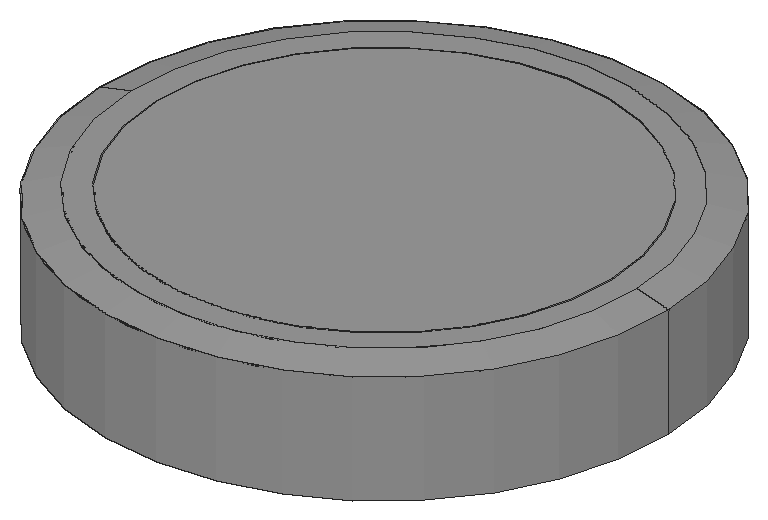
Revit family "54108", category Lighting Fixtures, host Face, Revit 2018
Family settings
  Host = Face
  Round Connector Dimension = Use Diameter
  Part Type = Normal
  OmniClass Number = 23.80.70.00
  OmniClass Title = Lighting
  Cut with Voids When Loaded = No
  Light Source = Yes
  Shared = No
  Room Calculation Point = No
Parameters (values of type "0054108 START ECO DOWNLIGHT 215 2100LM 840 SRFC")
  lens dia = 172 mm
  chamfer dia = 191 mm
  Weight = "n/a"
  Wattage Comments = ""
  Wattage = 9.2903 W
  WarrantyStartDate [instance] = "n/a"
  WarrantyGuarantorParts = "n/a"
  WarrantyDurationUnit = "n/a"
  WarrantyDurationParts = ""
  WarrantyDescription = "http://www.sylvania-lighting.com"
  built-in parameter 1150110 = 1 (stored number, unit not read)
  Voltage = 0 V
  URL = "0.5"
  TypeName = "START eco Downlight 215 2100lm 840 Surface"
  Type Image = <None>
  Type Comments = "n/a"
  built-in parameter 1114217 = 1 (stored number, unit not read)
  Tilt Angle = -90.00°
  built-in parameter 1150109 = 1 (stored number, unit not read)
  built-in parameter 1150134 = 3
  built-in parameter 1150113 = 1 (stored number, unit not read)
  SerialNumber [instance] = "n/a"
  Photometric Web File = "0054108.ies"
  Material_3_SYL = none
  PowerFactor = 0
  PowerConsumption = "Lighting"
  NominalLength = 215 mm
  NominalHeight = 44.9 mm
  NominalDepth = 215 mm
  Name = "START eco Downlight 215 2100lm 840 Surface"
  ModelReference = Name  # "START eco Downlight 215 2100lm 840 Surface"
  ModelNumber = "0054108"
  Model = Name  # "START eco Downlight 215 2100lm 840 Surface"
  Material = "Feilo Sylvania"
  ManufacturerName = "88 lm/W"
  Manufacturer = ""
  LuminousEfficacy = ""
  built-in parameter 1150105 = 109.82 (stored number, unit not read)
  Lumens = 1380 lm
  LuminaireType = "0"
  built-in parameter 1150115 = 1 (stored number, unit not read)
  LightOutputRatio = "LED"
  built-in parameter 1150137 = (empty or 0)
  built-in parameter 1150139 = (empty or 0)
  LampsType = Lamp  # "n/a"
  LampNominalLuminous = "4000 K"
  LampMacAdamStep = "80"
  LampColourTemperature = "LED"
  LampColourRenderingIndex = "16500"
  built-in parameter 1150112 = 1 (stored number, unit not read)
  built-in parameter 1150114 = 1 (stored number, unit not read)
  Lamp = "n/a"
  Keynote = "n/a"
  InstallationDate [instance] = "n/a"
  InputVoltage = "0"
  InputNominalFrequency = "4000"
  built-in parameter 1150132 = (empty or 0)
  built-in parameter 1150102 = (empty or 0)
  built-in parameter 1150107 = 3200 (stored number, unit not read)
  built-in parameter 1150138 = (empty or 0)
  IngressProtection = "IfcLightFixtureType"
  ImpactProtectionIndex = "IfcLightFixtureType"
  built-in parameter 1150106 = 1.0982 (stored number, unit not read)
  IfcExportType = "IfcLightFixtureType"
  IfcExportAs = "Class II"
  Emit from Circle Diameter = 609.6 mm
  Emit Shape Visible in Rendering = no
  ElectricShockClassification = "88"
  built-in parameter 1150104 = 13.8 (stored number, unit not read)
  DocumentationLiterature = "http://www.sylvania-lighting.com/product/en-int/products/0054108"
  DimmingControlOptions = "n/a"
  Material_2_SYL = none
  Dimming Lamp Color Temperature Shift = <None>
  Description = "START eco Downlight is an integrated LED surface mounted downlight with built-in non dimmable driver; 24W; 2100Lm; 88Lm/W; 4000K."
  Default Elevation = 1219.2 mm
  CreatedOn = "21/09/2022"
  CreatedBy = "@sylvania-lighting.com"
  Cost = 0
  Color Filter = 16777215
  built-in parameter 1114216 [instance] = (empty or 0)
  ClassificationValue = "EF_70_80"
  ClassificationName = "Uniclass2015"
  Material_1_SYL = none
  BarCode [instance] = "n/a"
  built-in parameter 1114218 = 1 (stored number, unit not read)
  built-in parameter 1150133 = 10 (stored number, unit not read)
  AssetType = "Fixed"
  AssetIdentifier [instance] = "n/a"
  Assembly Code = "D5020200"
  Apparent Load = 24 VA
  Material_4_SYL = none
Reference planes
  plane 1 "Center (Front/Back)": y = 0
  plane 2: z = 0
  plane 3 "Center (Left/Right)": x = 0
  plane 4: x = -107.5
  plane 5: x = 107.5
  plane 6: y = 107.5
  plane 7: y = -107.5
  plane 8: z = 44.9
  plane 9: y = 95.5
  plane 10: y = -95.5
  plane 11: y = 86
  plane 12: y = -86
Forms (mm)
  Extrusion 1, solid, material "Aluminum", detail levels medium+fine
    sketch origin (0, 0, 0) x (1, 0, 0) y (0, 1, 0)
      loop
        circle (0, 0) r 107.5
    from 0 to 42
  Blend 2, solid, material "Aluminum", detail levels medium+fine
    base sketch origin (0, 0, 0) x (1, 0, 0) y (0, 1, 0)
      loop
        circle (0, 0) r 107.5
    top sketch origin (0, 0, 0) x (1, 0, 0) y (0, 1, 0)
      loop
        circle (0, 0) r 95.5
    from 42 to 44.9
  Extrusion 3, void
    sketch origin (0, 0, 0) x (1, 0, 0) y (0, 1, 0)
      loop
        circle (0, 0) r 86
    from 44.9 to 43.9
  Extrusion 4, solid, material "Glass, White, High Luminance", detail levels fine
    sketch origin (0, 0, 0) x (1, 0, 0) y (0, 1, 0)
      loop
        circle (0, 0) r 86
    from 44.9 to 43.9
  Extrusion 5, solid, detail levels coarse
    sketch origin (0, 0, 0) x (1, 0, 0) y (0, 1, 0)
      loop
        line (-107.5, 107.5) -> (-107.5, -107.5) -> (107.5, -107.5) -> (107.5, 107.5) -> (-107.5, 107.5)
    from 0 to 44.9
Cuts and joins
  Extrusion 3 cuts Extrusion 1
  Extrusion 3 cuts Blend 2
Dimensions and locks
  "NominalLength": plane 4 to plane 5
  equal spacing: plane 4, plane 3 "Center (Left/Right)", plane 5
  "NominalDepth": plane 6 to plane 7
  equal spacing: plane 6, plane 1 "Center (Front/Back)", plane 7
  "NominalHeight": plane 8 to level
  "chamfer dia": plane 9 to plane 10
  equal spacing: plane 9, plane 1 "Center (Front/Back)", plane 10
  "lens dia": plane 12 to plane 11
  equal spacing: plane 12, plane 1 "Center (Front/Back)", plane 11
  aligned and locked: plane 2 to host face
  aligned and locked: level to host face
Automatic sketch dimensions
  host sketch curve to host sketch curve = 2438.4 mm  (x2)
  plane 1 "Center (Front/Back)" to Extrusion 1 sketch curve = 0 mm
  Extrusion 1 sketch curve to plane 3 "Center (Left/Right)" = 0 mm
  plane 1 "Center (Front/Back)" to Blend 2 sketch curve = 0 mm  (x2)
  Blend 2 sketch curve to plane 3 "Center (Left/Right)" = 0 mm  (x2)
  plane 1 "Center (Front/Back)" to Extrusion 3 sketch curve = 0 mm
  Extrusion 3 sketch curve to plane 3 "Center (Left/Right)" = 0 mm
  plane 1 "Center (Front/Back)" to Extrusion 4 sketch curve = 0 mm
  Extrusion 4 sketch curve to plane 3 "Center (Left/Right)" = 0 mm
  Extrusion 5 sketch curve to plane 4 = 0 mm
  Extrusion 5 sketch curve to plane 5 = 0 mm
  Extrusion 5 sketch curve to plane 7 = 0 mm
  Extrusion 5 sketch curve to plane 6 = 0 mm
  radius of Extrusion 1 sketch curve = 107.5 mm
  radius of Blend 2 sketch curve = 107.5 mm
  radius of Blend 2 sketch curve = 95.5 mm
  radius of Extrusion 3 sketch curve = 86 mm
  radius of Extrusion 4 sketch curve = 86 mm
Connectors
  electrical at (0, 0, 0), driven by "Apparent Load", driven by "PowerFactor", driven by "Voltage"
    settings: index 1, voltage 0 V, apparent load 24 VA, apparent load phase1 0 VA, apparent load phase2 0 VA, apparent load phase3 0 VA, power factor 0, load classification "Lighting", number of poles 1, system type 30, power factor state 1, is connector primary yes, connector utility no, sub classification motor no, connector description ""
